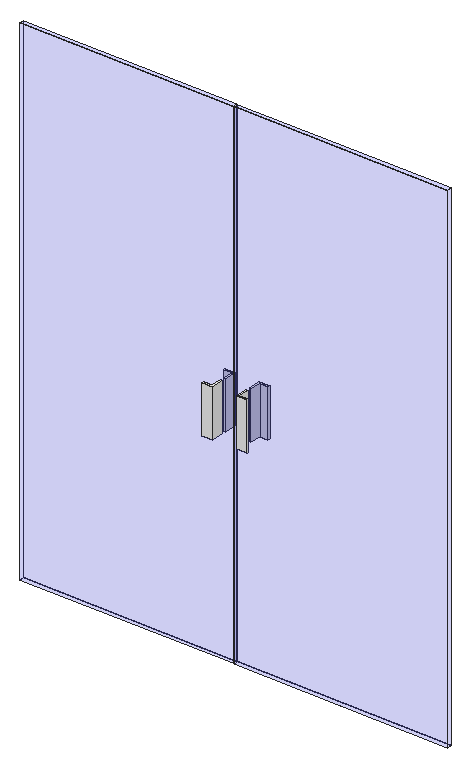
Revit family
Parameters
  Offset = 50 mm
  Glazing Material = Glass
Reference planes
  plane 1 "Center (Front/Back": y = 0
  plane 2: z = 0
  plane 3 "Center (Left/Right)": x = 82.523
  plane 4 "Left": x = -831.877
  plane 5 "Right": x = 996.923
  plane 6 "Top": z = 2133.6
  plane 7: z = 1066.8
  plane 8: y = 50
  plane 9: z = 863.6
  plane 10: z = 1066.8
Forms (mm)
  Extrusion 1, solid, material "Glass" <- "Glazing Material"
    sketch origin (0, 0, 0) x (1, 0, 0) y (0, 0, 1)
      loop
        line (996.923, 2133.6) -> (84.111, 2133.6) -> (84.111, 0) -> (996.923, 0) -> (996.923, 2133.6)
    from -50 to -30.95
  Extrusion 2, solid, material "Glass" <- "Glazing Material"
    sketch origin (0, 0, 0) x (1, 0, 0) y (0, 0, 1)
      loop
        line (-831.877, 2133.6) -> (-831.877, 0) -> (80.936, 0) -> (80.936, 2133.6) -> (-831.877, 2133.6)
    from -50 to -30.95
  Extrusion 3, solid, material "Metal - Aluminum"
    sketch origin (0, 0, 0) x (1, 0, 0) y (0, 1, 0)
      loop
        line (31.723, 50) -> (31.723, 100.8) -> (-12.727, 100.8) -> (-12.727, 94.45) -> (25.373, 94.45) -> (25.373, 50) -> (31.723, 50)
      loop
        line (133.323, 50) -> (139.673, 50) -> (139.673, 94.45) -> (177.773, 94.45) -> (177.773, 100.8) -> (133.323, 100.8) -> (133.323, 50)
      loop
        line (31.723, 30.95) -> (25.373, 30.95) -> (25.373, -13.5) -> (-12.727, -13.5) -> (-12.727, -19.85) -> (31.723, -19.85) -> (31.723, 30.95)
      loop
        line (133.323, 30.95) -> (133.323, -19.85) -> (177.773, -19.85) -> (177.773, -13.5) -> (139.673, -13.5) -> (139.673, 30.95) -> (133.323, 30.95)
    from 863.6 to 1066.8
Lines and regions (mm)
  symbolic lines, style "DoorsPanelProjection"
    curve 1: line (-831.877, 50, 0) -> (-831.877, 964.4, 0)
    curve 2: line (996.923, 50, 0) -> (996.923, 964.4, 0)
  symbolic lines, style "Plan Swing"
    curve 3: arc (-831.877, 964.4, 0) -> (-185.298, 696.578, 0) -> (82.523, 50, 0) r 914.4
    curve 4: arc (996.923, 964.4, 0) -> (350.345, 696.578, 0) -> (82.523, 50, 0) r 914.4
  symbolic lines, style "Elevation Swing"
    curve 5: line (84.111, 0, 2133.6) -> (996.923, 0, 1066.8)
    curve 6: line (996.923, 0, 1066.8) -> (82.523, 0, -1.855)
    curve 7: line (82.523, 0, -1.855) -> (-831.877, 0, 1066.8)
    curve 8: line (-831.877, 0, 1066.8) -> (80.936, 0, 2133.6)
Text (mm)
  text "Exterior" at (-790.651, 1092.624, 0), in view "Base Line"
Dimensions and locks
  equal spacing: plane 4 "Left", plane 3 "Center (Left/Right)", plane 5 "Right"
  equal spacing: plane 2, plane 7, plane 6 "Top"
  locked: Extrusion 1 sketch curve to plane 3 "Center (Left/Right)" at 1.587
  "Offset": plane 1 "Center (Front/Back" to plane 8
  locked: Extrusion 1 to plane 8 at 19.05
  locked: plane 3 "Center (Left/Right)" to Extrusion 2 sketch curve at 1.588
  locked: Extrusion 2 to plane 8 at 19.05
  plane 2 to plane 9 = 863.6 mm
  locked: plane 9 to plane 10 at 203.2
  Extrusion 3 sketch curve to Extrusion 3 sketch curve to plane 8 = 6.35 mm locked, 44.45 mm locked
  plane 8 to Extrusion 3 sketch curve to Extrusion 3 sketch curve = 44.45 mm locked, 6.35 mm locked
  Extrusion 3 sketch curve to Extrusion 3 sketch curve to Extrusion 1 = 6.35 mm locked, 44.45 mm locked
  Extrusion 2 to Extrusion 3 sketch curve to Extrusion 3 sketch curve = 44.45 mm locked, 6.35 mm locked
  aligned and locked: Extrusion 1 sketch curve to plane 5 "Right"
  aligned and locked: Extrusion 1 sketch curve to plane 6 "Top"
  aligned and locked: Extrusion 1 sketch curve to level
  aligned and locked: Extrusion 1 to plane 8
  aligned and locked: level to Extrusion 2 sketch curve
  aligned and locked: Extrusion 2 sketch curve to plane 4 "Left"
  aligned and locked: plane 6 "Top" to Extrusion 2 sketch curve
  aligned and locked: Extrusion 1 to Extrusion 2
  aligned and locked: Extrusion 2 to curve 1
  aligned and locked: curve 1 to Extrusion 2
  aligned and locked: curve 2 to Extrusion 1
  aligned and locked: Extrusion 1 to curve 2
  aligned and locked: plane 10 to Extrusion 3
  aligned and locked: plane 9 to Extrusion 3
  aligned and locked: plane 8 to Extrusion 3 sketch curve
  aligned and locked: Extrusion 3 sketch curve to plane 8
  aligned and locked: Extrusion 3 sketch curve to Extrusion 3 sketch curve
  aligned and locked: Extrusion 3 sketch curve to Extrusion 1
Automatic sketch dimensions
  curve 3 to plane 3 "Center (Left/Right)" = 0 mm
  curve 4 to plane 3 "Center (Left/Right)" = 0 mm
  curve 4 to plane 8 = 0 mm
  curve 8 to plane 6 "Top" = 0 mm
  curve 5 to plane 6 "Top" = 0 mm
  curve 6 to plane 5 "Right" = 0 mm
  curve 6 to plane 7 = 0 mm
  curve 8 to plane 4 "Left" = 0 mm
  curve 8 to plane 7 = 0 mm
  curve 7 to plane 3 "Center (Left/Right)" = 0 mm
  curve 7 to level = 1.855 mm
  curve 8 to plane 3 "Center (Left/Right)" = 1.588 mm
  plane 3 "Center (Left/Right)" to curve 5 = 1.587 mm
  Extrusion 3 sketch curve to plane 3 "Center (Left/Right)" = 95.25 mm  (x2)
  Extrusion 3 sketch curve to Extrusion 3 sketch curve = 38.1 mm  (x3)
  Extrusion 3 sketch curve to Extrusion 3 sketch curve = 0 mm
  Extrusion 3 sketch curve to Extrusion 3 sketch curve = 6.35 mm  (x4)
  plane 3 "Center (Left/Right)" to Extrusion 3 sketch curve = 50.8 mm  (x2)
